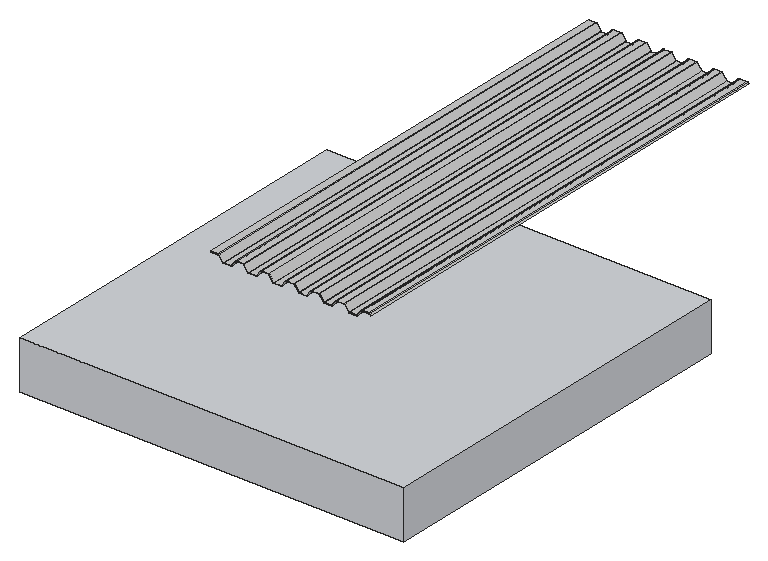
Revit family "Trapézový plech CB 40_160", category Obecné modely, Revit 2016
Family settings
  Hostitel = Plocha
  Typ součásti = Normální
  Může být hostitelem pro výztuž = Ne
  Kóta kulaté spojky = Použít průměr
  Ořezat dutým tvarem při načtení = Ne
  Sdílené = Ne
  Bod výpočtu místnosti = Ne
Parameters
  Šířka prvku - oříznutí [instance] = 1015 mm
  Šířka [instance] = 960 mm  # constant formula
  Výrobce = "CB profil a. s."  # constant formula
  Default Elevation = 0 mm
  URL = "https://www.cbprofil.cz/vyrobni-program/trapezove-plechy-vyroba-cb/"
  Třída oceli [instance] = Třída oceli : S 320 GD
  Tloušťka [instance] = 1 mm
  Pozitivní [instance] = not(Negativní)  # yes
  Popis = "CB 40/160"
  Negativní [instance] = no
  F2 barva [instance] = Pozink
  F1 barva [instance] = Pozink
  Délka [instance] = 3000 mm
  CB FLIS [instance] = no
Reference planes
  plane 1 "Střed (vpředu/vzadu)": y = 0
  plane 2: z = 0
  plane 3 "Střed (vlevo/vpravo)": x = 0
  plane 4 "trapézový plech": z = 0
  plane 5 "oříznutí": x = -1015
  plane 6: x = -1219.2
  plane 7: x = -960
  plane 8: z = 41.3
Forms (mm)
  Extrusion 1, solid
    sketch origin (0, 0, 0) x (1, 0, 0) y (0, 1, 0)
      loop
        line (-1219.2, 1219.2) -> (-1219.2, -1219.2) -> (1219.2, -1219.2) -> (1219.2, 1219.2) -> (-1219.2, 1219.2)
    from 0 to -304.8
  Sweep 2, solid, material "Pozink" <- "F2 barva", visible <- "Pozitivní"
    path origin (0, 0, 0) x (-1, 0, 0) y (0, -1, 0)
      loop
        line (0, 0) -> (0, -3000)
    profile "CB 40_160 : CB 40_160" origin (0, 1500, 0) x (-1, 0, 0) y (0, 0, 1)
      loop
        arc (-25.754, 38.279) -> (-24.868, 39.03) -> (-23.738, 39.3) r 2.5
        line (-23.738, 39.3) -> (0.069, 39.3) -> (23.876, 39.3)
        arc (23.876, 39.3) -> (25.006, 39.03) -> (25.892, 38.279) r 2.5
        line (25.892, 38.279) -> (52.634, 1.838)
        arc (52.634, 1.838) -> (54.228, 0.486) -> (56.262, 0) r 4.5
        line (56.262, 0) -> (103.876, 0)
        arc (103.876, 0) -> (105.91, 0.486) -> (107.504, 1.838) r 4.5
        line (107.504, 1.838) -> (134.246, 38.279)
        arc (134.246, 38.279) -> (135.132, 39.03) -> (136.262, 39.3) r 2.5
        line (136.262, 39.3) -> (160.069, 39.3) -> (183.876, 39.3)
        arc (183.876, 39.3) -> (185.006, 39.03) -> (185.892, 38.279) r 2.5
        line (185.892, 38.279) -> (212.634, 1.838)
        arc (212.634, 1.838) -> (214.228, 0.486) -> (216.262, 0) r 4.5
        line (216.262, 0) -> (263.876, 0)
        arc (263.876, 0) -> (265.91, 0.486) -> (267.504, 1.838) r 4.5
        line (267.504, 1.838) -> (294.246, 38.279)
        arc (294.246, 38.279) -> (295.132, 39.03) -> (296.262, 39.3) r 2.5
        line (296.262, 39.3) -> (320.069, 39.3) -> (343.876, 39.3)
        arc (343.876, 39.3) -> (345.006, 39.03) -> (345.892, 38.279) r 2.5
        line (345.892, 38.279) -> (372.634, 1.838)
        arc (372.634, 1.838) -> (374.228, 0.486) -> (376.262, 0) r 4.5
        line (376.262, 0) -> (423.876, 0)
        arc (423.876, 0) -> (425.91, 0.486) -> (427.504, 1.838) r 4.5
        line (427.504, 1.838) -> (454.246, 38.279)
        arc (454.246, 38.279) -> (455.132, 39.03) -> (456.262, 39.3) r 2.5
        line (456.262, 39.3) -> (480.069, 39.3) -> (503.876, 39.3)
        arc (503.876, 39.3) -> (505.006, 39.03) -> (505.892, 38.279) r 2.5
        line (505.892, 38.279) -> (532.634, 1.838)
        arc (532.634, 1.838) -> (534.228, 0.486) -> (536.262, 0) r 4.5
        line (536.262, 0) -> (583.876, 0)
        arc (583.876, 0) -> (585.91, 0.486) -> (587.504, 1.838) r 4.5
        line (587.504, 1.838) -> (614.246, 38.279)
        arc (614.246, 38.279) -> (615.132, 39.03) -> (616.262, 39.3) r 2.5
        line (616.262, 39.3) -> (640.069, 39.3) -> (663.876, 39.3)
        arc (663.876, 39.3) -> (665.006, 39.03) -> (665.892, 38.279) r 2.5
        line (665.892, 38.279) -> (692.634, 1.838)
        arc (692.634, 1.838) -> (694.228, 0.486) -> (696.262, 0) r 4.5
        line (696.262, 0) -> (743.876, 0)
        arc (743.876, 0) -> (745.91, 0.486) -> (747.504, 1.838) r 4.5
        line (747.504, 1.838) -> (774.246, 38.279)
        arc (774.246, 38.279) -> (775.132, 39.03) -> (776.262, 39.3) r 2.5
        line (776.262, 39.3) -> (800.069, 39.3) -> (823.876, 39.3)
        arc (823.876, 39.3) -> (825.006, 39.03) -> (825.892, 38.279) r 2.5
        line (825.892, 38.279) -> (852.634, 1.838)
        arc (852.634, 1.838) -> (854.228, 0.486) -> (856.262, 0) r 4.5
        line (856.262, 0) -> (903.876, 0)
        arc (903.876, 0) -> (905.91, 0.486) -> (907.504, 1.838) r 4.5
        line (907.504, 1.838) -> (934.246, 38.279)
        arc (934.246, 38.279) -> (935.132, 39.03) -> (936.262, 39.3) r 2.5
        line (936.262, 39.3) -> (960.069, 39.3) -> (981.276, 39.3) -> (981.276, 40.3) -> (960.069, 40.3) -> (936.262, 40.3)
        arc (936.262, 40.3) -> (934.68, 39.922) -> (933.44, 38.871) r 3.5
        line (933.44, 38.871) -> (906.698, 2.429)
        arc (906.698, 2.429) -> (905.458, 1.378) -> (903.876, 1) r 3.5
        line (903.876, 1) -> (856.262, 1)
        arc (856.262, 1) -> (854.68, 1.378) -> (853.44, 2.429) r 3.5
        line (853.44, 2.429) -> (826.698, 38.871)
        arc (826.698, 38.871) -> (825.458, 39.922) -> (823.876, 40.3) r 3.5
        line (823.876, 40.3) -> (800.069, 40.3) -> (776.262, 40.3)
        arc (776.262, 40.3) -> (774.68, 39.922) -> (773.44, 38.871) r 3.5
        line (773.44, 38.871) -> (746.698, 2.429)
        arc (746.698, 2.429) -> (745.458, 1.378) -> (743.876, 1) r 3.5
        line (743.876, 1) -> (696.262, 1)
        arc (696.262, 1) -> (694.68, 1.378) -> (693.44, 2.429) r 3.5
        line (693.44, 2.429) -> (666.698, 38.871)
        arc (666.698, 38.871) -> (665.458, 39.922) -> (663.876, 40.3) r 3.5
        line (663.876, 40.3) -> (640.069, 40.3) -> (616.262, 40.3)
        arc (616.262, 40.3) -> (614.68, 39.922) -> (613.44, 38.871) r 3.5
        line (613.44, 38.871) -> (586.698, 2.429)
        arc (586.698, 2.429) -> (585.458, 1.378) -> (583.876, 1) r 3.5
        line (583.876, 1) -> (536.262, 1)
        arc (536.262, 1) -> (534.68, 1.378) -> (533.44, 2.429) r 3.5
        line (533.44, 2.429) -> (506.698, 38.871)
        arc (506.698, 38.871) -> (505.458, 39.922) -> (503.876, 40.3) r 3.5
        line (503.876, 40.3) -> (480.069, 40.3) -> (456.262, 40.3)
        arc (456.262, 40.3) -> (454.68, 39.922) -> (453.44, 38.871) r 3.5
        line (453.44, 38.871) -> (426.698, 2.429)
        arc (426.698, 2.429) -> (425.458, 1.378) -> (423.876, 1) r 3.5
        line (423.876, 1) -> (376.262, 1)
        arc (376.262, 1) -> (374.68, 1.378) -> (373.44, 2.429) r 3.5
        line (373.44, 2.429) -> (346.698, 38.871)
        arc (346.698, 38.871) -> (345.458, 39.922) -> (343.876, 40.3) r 3.5
        line (343.876, 40.3) -> (320.069, 40.3) -> (296.262, 40.3)
        arc (296.262, 40.3) -> (294.68, 39.922) -> (293.44, 38.871) r 3.5
        line (293.44, 38.871) -> (266.698, 2.429)
        arc (266.698, 2.429) -> (265.458, 1.378) -> (263.876, 1) r 3.5
        line (263.876, 1) -> (216.262, 1)
        arc (216.262, 1) -> (214.68, 1.378) -> (213.44, 2.429) r 3.5
        line (213.44, 2.429) -> (186.698, 38.871)
        arc (186.698, 38.871) -> (185.458, 39.922) -> (183.876, 40.3) r 3.5
        line (183.876, 40.3) -> (160.069, 40.3) -> (136.262, 40.3)
        arc (136.262, 40.3) -> (134.68, 39.922) -> (133.44, 38.871) r 3.5
        line (133.44, 38.871) -> (106.698, 2.429)
        arc (106.698, 2.429) -> (105.458, 1.378) -> (103.876, 1) r 3.5
        line (103.876, 1) -> (56.262, 1)
        arc (56.262, 1) -> (54.68, 1.378) -> (53.44, 2.429) r 3.5
        line (53.44, 2.429) -> (26.698, 38.871)
        arc (26.698, 38.871) -> (25.458, 39.922) -> (23.876, 40.3) r 3.5
        line (23.876, 40.3) -> (0.069, 40.3) -> (-23.738, 40.3)
        arc (-23.738, 40.3) -> (-25.32, 39.922) -> (-26.56, 38.871) r 3.5
        line (-26.56, 38.871) -> (-32, 31.458) -> (-31.194, 30.866) -> (-25.754, 38.279)
  Extrusion 3, void
    sketch origin (0, 0, 0) x (1, 0, 0) y (0, 0, 1)
      loop
        line (-1219.2, 0) -> (-1015, 0) -> (-1015, 41.3) -> (-1219.2, 41.3) -> (-1219.2, 0)
    from 0 to -3000
  Sweep 4, solid, material "Pozink" <- "F2 barva", visible <- "Negativní"
    path origin (0, 0, 0) x (-1, 0, 0) y (0, -1, 0)
      loop
        line (0, 0) -> (0, -3000)
    profile "CB 40_160_neg : CB 40_160_neg" origin (0, 1500, 0) x (-1, 0, 0) y (0, 0, 1)
      loop
        line (-25.754, 2.021) -> (-31.194, 9.434) -> (-32, 8.842) -> (-26.56, 1.429)
        arc (-26.56, 1.429) -> (-25.32, 0.378) -> (-23.738, 0) r 3.5
        line (-23.738, 0) -> (0.069, 0) -> (23.876, 0)
        arc (23.876, 0) -> (25.458, 0.378) -> (26.698, 1.429) r 3.5
        line (26.698, 1.429) -> (53.44, 37.871)
        arc (53.44, 37.871) -> (54.68, 38.922) -> (56.262, 39.3) r 3.5
        line (56.262, 39.3) -> (103.876, 39.3)
        arc (103.876, 39.3) -> (105.458, 38.922) -> (106.698, 37.871) r 3.5
        line (106.698, 37.871) -> (133.44, 1.429)
        arc (133.44, 1.429) -> (134.68, 0.378) -> (136.262, 0) r 3.5
        line (136.262, 0) -> (160.069, 0) -> (183.876, 0)
        arc (183.876, 0) -> (185.458, 0.378) -> (186.698, 1.429) r 3.5
        line (186.698, 1.429) -> (213.44, 37.871)
        arc (213.44, 37.871) -> (214.68, 38.922) -> (216.262, 39.3) r 3.5
        line (216.262, 39.3) -> (263.876, 39.3)
        arc (263.876, 39.3) -> (265.458, 38.922) -> (266.698, 37.871) r 3.5
        line (266.698, 37.871) -> (293.44, 1.429)
        arc (293.44, 1.429) -> (294.68, 0.378) -> (296.262, 0) r 3.5
        line (296.262, 0) -> (320.069, 0) -> (343.876, 0)
        arc (343.876, 0) -> (345.458, 0.378) -> (346.698, 1.429) r 3.5
        line (346.698, 1.429) -> (373.44, 37.871)
        arc (373.44, 37.871) -> (374.68, 38.922) -> (376.262, 39.3) r 3.5
        line (376.262, 39.3) -> (423.876, 39.3)
        arc (423.876, 39.3) -> (425.458, 38.922) -> (426.698, 37.871) r 3.5
        line (426.698, 37.871) -> (453.44, 1.429)
        arc (453.44, 1.429) -> (454.68, 0.378) -> (456.262, 0) r 3.5
        line (456.262, 0) -> (480.069, 0) -> (503.876, 0)
        arc (503.876, 0) -> (505.458, 0.378) -> (506.698, 1.429) r 3.5
        line (506.698, 1.429) -> (533.44, 37.871)
        arc (533.44, 37.871) -> (534.68, 38.922) -> (536.262, 39.3) r 3.5
        line (536.262, 39.3) -> (583.876, 39.3)
        arc (583.876, 39.3) -> (585.458, 38.922) -> (586.698, 37.871) r 3.5
        line (586.698, 37.871) -> (613.44, 1.429)
        arc (613.44, 1.429) -> (614.68, 0.378) -> (616.262, 0) r 3.5
        line (616.262, 0) -> (640.069, 0) -> (663.876, 0)
        arc (663.876, 0) -> (665.458, 0.378) -> (666.698, 1.429) r 3.5
        line (666.698, 1.429) -> (693.44, 37.871)
        arc (693.44, 37.871) -> (694.68, 38.922) -> (696.262, 39.3) r 3.5
        line (696.262, 39.3) -> (743.876, 39.3)
        arc (743.876, 39.3) -> (745.458, 38.922) -> (746.698, 37.871) r 3.5
        line (746.698, 37.871) -> (773.44, 1.429)
        arc (773.44, 1.429) -> (774.68, 0.378) -> (776.262, 0) r 3.5
        line (776.262, 0) -> (800.069, 0) -> (823.876, 0)
        arc (823.876, 0) -> (825.458, 0.378) -> (826.698, 1.429) r 3.5
        line (826.698, 1.429) -> (853.44, 37.871)
        arc (853.44, 37.871) -> (854.68, 38.922) -> (856.262, 39.3) r 3.5
        line (856.262, 39.3) -> (903.876, 39.3)
        arc (903.876, 39.3) -> (905.458, 38.922) -> (906.698, 37.871) r 3.5
        line (906.698, 37.871) -> (933.44, 1.429)
        arc (933.44, 1.429) -> (934.68, 0.378) -> (936.262, 0) r 3.5
        line (936.262, 0) -> (960.069, 0) -> (981.276, 0) -> (981.276, 1) -> (960.069, 1) -> (936.262, 1)
        arc (936.262, 1) -> (935.132, 1.27) -> (934.246, 2.021) r 2.5
        line (934.246, 2.021) -> (907.504, 38.462)
        arc (907.504, 38.462) -> (905.91, 39.814) -> (903.876, 40.3) r 4.5
        line (903.876, 40.3) -> (856.262, 40.3)
        arc (856.262, 40.3) -> (854.228, 39.814) -> (852.634, 38.462) r 4.5
        line (852.634, 38.462) -> (825.892, 2.021)
        arc (825.892, 2.021) -> (825.006, 1.27) -> (823.876, 1) r 2.5
        line (823.876, 1) -> (800.069, 1) -> (776.262, 1)
        arc (776.262, 1) -> (775.132, 1.27) -> (774.246, 2.021) r 2.5
        line (774.246, 2.021) -> (747.504, 38.462)
        arc (747.504, 38.462) -> (745.91, 39.814) -> (743.876, 40.3) r 4.5
        line (743.876, 40.3) -> (696.262, 40.3)
        arc (696.262, 40.3) -> (694.228, 39.814) -> (692.634, 38.462) r 4.5
        line (692.634, 38.462) -> (665.892, 2.021)
        arc (665.892, 2.021) -> (665.006, 1.27) -> (663.876, 1) r 2.5
        line (663.876, 1) -> (640.069, 1) -> (616.262, 1)
        arc (616.262, 1) -> (615.132, 1.27) -> (614.246, 2.021) r 2.5
        line (614.246, 2.021) -> (587.504, 38.462)
        arc (587.504, 38.462) -> (585.91, 39.814) -> (583.876, 40.3) r 4.5
        line (583.876, 40.3) -> (536.262, 40.3)
        arc (536.262, 40.3) -> (534.228, 39.814) -> (532.634, 38.462) r 4.5
        line (532.634, 38.462) -> (505.892, 2.021)
        arc (505.892, 2.021) -> (505.006, 1.27) -> (503.876, 1) r 2.5
        line (503.876, 1) -> (480.069, 1) -> (456.262, 1)
        arc (456.262, 1) -> (455.132, 1.27) -> (454.246, 2.021) r 2.5
        line (454.246, 2.021) -> (427.504, 38.462)
        arc (427.504, 38.462) -> (425.91, 39.814) -> (423.876, 40.3) r 4.5
        line (423.876, 40.3) -> (376.262, 40.3)
        arc (376.262, 40.3) -> (374.228, 39.814) -> (372.634, 38.462) r 4.5
        line (372.634, 38.462) -> (345.892, 2.021)
        arc (345.892, 2.021) -> (345.006, 1.27) -> (343.876, 1) r 2.5
        line (343.876, 1) -> (320.069, 1) -> (296.262, 1)
        arc (296.262, 1) -> (295.132, 1.27) -> (294.246, 2.021) r 2.5
        line (294.246, 2.021) -> (267.504, 38.462)
        arc (267.504, 38.462) -> (265.91, 39.814) -> (263.876, 40.3) r 4.5
        line (263.876, 40.3) -> (216.262, 40.3)
        arc (216.262, 40.3) -> (214.228, 39.814) -> (212.634, 38.462) r 4.5
        line (212.634, 38.462) -> (185.892, 2.021)
        arc (185.892, 2.021) -> (185.006, 1.27) -> (183.876, 1) r 2.5
        line (183.876, 1) -> (160.069, 1) -> (136.262, 1)
        arc (136.262, 1) -> (135.132, 1.27) -> (134.246, 2.021) r 2.5
        line (134.246, 2.021) -> (107.504, 38.462)
        arc (107.504, 38.462) -> (105.91, 39.814) -> (103.876, 40.3) r 4.5
        line (103.876, 40.3) -> (56.262, 40.3)
        arc (56.262, 40.3) -> (54.228, 39.814) -> (52.634, 38.462) r 4.5
        line (52.634, 38.462) -> (25.892, 2.021)
        arc (25.892, 2.021) -> (25.006, 1.27) -> (23.876, 1) r 2.5
        line (23.876, 1) -> (0.069, 1) -> (-23.738, 1)
        arc (-23.738, 1) -> (-24.868, 1.27) -> (-25.754, 2.021) r 2.5
  Sweep 5, solid, material "Pozink" <- "F1 barva", visible <- "Pozitivní"
    path origin (0, 0, 0) x (-1, 0, 0) y (0, -1, 0)
      loop
        line (0, 0) -> (0, -3000)
    profile "CB 40_160_F1 : CB 40_160_F1" origin (0, 1500, 0) x (-1, 0, 0) y (0, 0, 1)
      loop
        line (981.276, 40.3) -> (981.276, 41.3) -> (960.069, 41.3) -> (936.262, 41.3)
        arc (936.262, 41.3) -> (934.228, 40.814) -> (932.634, 39.462) r 4.5
        line (932.634, 39.462) -> (905.892, 3.021)
        arc (905.892, 3.021) -> (905.006, 2.27) -> (903.876, 2) r 2.5
        line (903.876, 2) -> (856.262, 2)
        arc (856.262, 2) -> (855.132, 2.27) -> (854.246, 3.021) r 2.5
        line (854.246, 3.021) -> (827.504, 39.462)
        arc (827.504, 39.462) -> (825.91, 40.814) -> (823.876, 41.3) r 4.5
        line (823.876, 41.3) -> (800.069, 41.3) -> (776.262, 41.3)
        arc (776.262, 41.3) -> (774.228, 40.814) -> (772.634, 39.462) r 4.5
        line (772.634, 39.462) -> (745.892, 3.021)
        arc (745.892, 3.021) -> (745.006, 2.27) -> (743.876, 2) r 2.5
        line (743.876, 2) -> (696.262, 2)
        arc (696.262, 2) -> (695.132, 2.27) -> (694.246, 3.021) r 2.5
        line (694.246, 3.021) -> (667.504, 39.462)
        arc (667.504, 39.462) -> (665.91, 40.814) -> (663.876, 41.3) r 4.5
        line (663.876, 41.3) -> (640.069, 41.3) -> (616.262, 41.3)
        arc (616.262, 41.3) -> (614.228, 40.814) -> (612.634, 39.462) r 4.5
        line (612.634, 39.462) -> (585.892, 3.021)
        arc (585.892, 3.021) -> (585.006, 2.27) -> (583.876, 2) r 2.5
        line (583.876, 2) -> (536.262, 2)
        arc (536.262, 2) -> (535.132, 2.27) -> (534.246, 3.021) r 2.5
        line (534.246, 3.021) -> (507.504, 39.462)
        arc (507.504, 39.462) -> (505.91, 40.814) -> (503.876, 41.3) r 4.5
        line (503.876, 41.3) -> (480.069, 41.3) -> (456.262, 41.3)
        arc (456.262, 41.3) -> (454.228, 40.814) -> (452.634, 39.462) r 4.5
        line (452.634, 39.462) -> (425.892, 3.021)
        arc (425.892, 3.021) -> (425.006, 2.27) -> (423.876, 2) r 2.5
        line (423.876, 2) -> (376.262, 2)
        arc (376.262, 2) -> (375.132, 2.27) -> (374.246, 3.021) r 2.5
        line (374.246, 3.021) -> (347.504, 39.462)
        arc (347.504, 39.462) -> (345.91, 40.814) -> (343.876, 41.3) r 4.5
        line (343.876, 41.3) -> (320.069, 41.3) -> (296.262, 41.3)
        arc (296.262, 41.3) -> (294.228, 40.814) -> (292.634, 39.462) r 4.5
        line (292.634, 39.462) -> (265.892, 3.021)
        arc (265.892, 3.021) -> (265.006, 2.27) -> (263.876, 2) r 2.5
        line (263.876, 2) -> (216.262, 2)
        arc (216.262, 2) -> (215.132, 2.27) -> (214.246, 3.021) r 2.5
        line (214.246, 3.021) -> (187.504, 39.462)
        arc (187.504, 39.462) -> (185.91, 40.814) -> (183.876, 41.3) r 4.5
        line (183.876, 41.3) -> (160.069, 41.3) -> (136.262, 41.3)
        arc (136.262, 41.3) -> (134.228, 40.814) -> (132.634, 39.462) r 4.5
        line (132.634, 39.462) -> (105.892, 3.021)
        arc (105.892, 3.021) -> (105.006, 2.27) -> (103.876, 2) r 2.5
        line (103.876, 2) -> (56.262, 2)
        arc (56.262, 2) -> (55.132, 2.27) -> (54.246, 3.021) r 2.5
        line (54.246, 3.021) -> (27.504, 39.462)
        arc (27.504, 39.462) -> (25.91, 40.814) -> (23.876, 41.3) r 4.5
        line (23.876, 41.3) -> (0.069, 41.3) -> (-23.738, 41.3)
        arc (-23.738, 41.3) -> (-25.772, 40.814) -> (-27.366, 39.462) r 4.5
        line (-27.366, 39.462) -> (-32.806, 32.049) -> (-32, 31.458) -> (-26.56, 38.871)
        arc (-26.56, 38.871) -> (-25.32, 39.922) -> (-23.738, 40.3) r 3.5
        line (-23.738, 40.3) -> (0.069, 40.3) -> (23.876, 40.3)
        arc (23.876, 40.3) -> (25.458, 39.922) -> (26.698, 38.871) r 3.5
        line (26.698, 38.871) -> (53.44, 2.429)
        arc (53.44, 2.429) -> (54.68, 1.378) -> (56.262, 1) r 3.5
        line (56.262, 1) -> (103.876, 1)
        arc (103.876, 1) -> (105.458, 1.378) -> (106.698, 2.429) r 3.5
        line (106.698, 2.429) -> (133.44, 38.871)
        arc (133.44, 38.871) -> (134.68, 39.922) -> (136.262, 40.3) r 3.5
        line (136.262, 40.3) -> (160.069, 40.3) -> (183.876, 40.3)
        arc (183.876, 40.3) -> (185.458, 39.922) -> (186.698, 38.871) r 3.5
        line (186.698, 38.871) -> (213.44, 2.429)
        arc (213.44, 2.429) -> (214.68, 1.378) -> (216.262, 1) r 3.5
        line (216.262, 1) -> (263.876, 1)
        arc (263.876, 1) -> (265.458, 1.378) -> (266.698, 2.429) r 3.5
        line (266.698, 2.429) -> (293.44, 38.871)
        arc (293.44, 38.871) -> (294.68, 39.922) -> (296.262, 40.3) r 3.5
        line (296.262, 40.3) -> (320.069, 40.3) -> (343.876, 40.3)
        arc (343.876, 40.3) -> (345.458, 39.922) -> (346.698, 38.871) r 3.5
        line (346.698, 38.871) -> (373.44, 2.429)
        arc (373.44, 2.429) -> (374.68, 1.378) -> (376.262, 1) r 3.5
        line (376.262, 1) -> (423.876, 1)
        arc (423.876, 1) -> (425.458, 1.378) -> (426.698, 2.429) r 3.5
        line (426.698, 2.429) -> (453.44, 38.871)
        arc (453.44, 38.871) -> (454.68, 39.922) -> (456.262, 40.3) r 3.5
        line (456.262, 40.3) -> (480.069, 40.3) -> (503.876, 40.3)
        arc (503.876, 40.3) -> (505.458, 39.922) -> (506.698, 38.871) r 3.5
        line (506.698, 38.871) -> (533.44, 2.429)
        arc (533.44, 2.429) -> (534.68, 1.378) -> (536.262, 1) r 3.5
        line (536.262, 1) -> (583.876, 1)
        arc (583.876, 1) -> (585.458, 1.378) -> (586.698, 2.429) r 3.5
        line (586.698, 2.429) -> (613.44, 38.871)
        arc (613.44, 38.871) -> (614.68, 39.922) -> (616.262, 40.3) r 3.5
        line (616.262, 40.3) -> (640.069, 40.3) -> (663.876, 40.3)
        arc (663.876, 40.3) -> (665.458, 39.922) -> (666.698, 38.871) r 3.5
        line (666.698, 38.871) -> (693.44, 2.429)
        arc (693.44, 2.429) -> (694.68, 1.378) -> (696.262, 1) r 3.5
        line (696.262, 1) -> (743.876, 1)
        arc (743.876, 1) -> (745.458, 1.378) -> (746.698, 2.429) r 3.5
        line (746.698, 2.429) -> (773.44, 38.871)
        arc (773.44, 38.871) -> (774.68, 39.922) -> (776.262, 40.3) r 3.5
        line (776.262, 40.3) -> (800.069, 40.3) -> (823.876, 40.3)
        arc (823.876, 40.3) -> (825.458, 39.922) -> (826.698, 38.871) r 3.5
        line (826.698, 38.871) -> (853.44, 2.429)
        arc (853.44, 2.429) -> (854.68, 1.378) -> (856.262, 1) r 3.5
        line (856.262, 1) -> (903.876, 1)
        arc (903.876, 1) -> (905.458, 1.378) -> (906.698, 2.429) r 3.5
        line (906.698, 2.429) -> (933.44, 38.871)
        arc (933.44, 38.871) -> (934.68, 39.922) -> (936.262, 40.3) r 3.5
        line (936.262, 40.3) -> (960.069, 40.3) -> (981.276, 40.3)
  Sweep 6, solid, material "Pozink" <- "F1 barva", visible <- "Negativní"
    path origin (0, 0, 0) x (-1, 0, 0) y (0, -1, 0)
      loop
        line (0, 0) -> (0, -3000)
    profile "CB 40_160_neg_F1 : CB 40_160_neg_F1" origin (0, 1500, 0) x (-1, 0, 0) y (0, 0, 1)
      loop
        line (981.276, 2) -> (960.069, 2) -> (936.262, 2)
        arc (936.262, 2) -> (934.68, 2.378) -> (933.44, 3.429) r 3.5
        line (933.44, 3.429) -> (906.698, 39.871)
        arc (906.698, 39.871) -> (905.458, 40.922) -> (903.876, 41.3) r 3.5
        line (903.876, 41.3) -> (856.262, 41.3)
        arc (856.262, 41.3) -> (854.68, 40.922) -> (853.44, 39.871) r 3.5
        line (853.44, 39.871) -> (826.698, 3.429)
        arc (826.698, 3.429) -> (825.458, 2.378) -> (823.876, 2) r 3.5
        line (823.876, 2) -> (800.069, 2) -> (776.262, 2)
        arc (776.262, 2) -> (774.68, 2.378) -> (773.44, 3.429) r 3.5
        line (773.44, 3.429) -> (746.698, 39.871)
        arc (746.698, 39.871) -> (745.458, 40.922) -> (743.876, 41.3) r 3.5
        line (743.876, 41.3) -> (696.262, 41.3)
        arc (696.262, 41.3) -> (694.68, 40.922) -> (693.44, 39.871) r 3.5
        line (693.44, 39.871) -> (666.698, 3.429)
        arc (666.698, 3.429) -> (665.458, 2.378) -> (663.876, 2) r 3.5
        line (663.876, 2) -> (640.069, 2) -> (616.262, 2)
        arc (616.262, 2) -> (614.68, 2.378) -> (613.44, 3.429) r 3.5
        line (613.44, 3.429) -> (586.698, 39.871)
        arc (586.698, 39.871) -> (585.458, 40.922) -> (583.876, 41.3) r 3.5
        line (583.876, 41.3) -> (536.262, 41.3)
        arc (536.262, 41.3) -> (534.68, 40.922) -> (533.44, 39.871) r 3.5
        line (533.44, 39.871) -> (506.698, 3.429)
        arc (506.698, 3.429) -> (505.458, 2.378) -> (503.876, 2) r 3.5
        line (503.876, 2) -> (480.069, 2) -> (456.262, 2)
        arc (456.262, 2) -> (454.68, 2.378) -> (453.44, 3.429) r 3.5
        line (453.44, 3.429) -> (426.698, 39.871)
        arc (426.698, 39.871) -> (425.458, 40.922) -> (423.876, 41.3) r 3.5
        line (423.876, 41.3) -> (376.262, 41.3)
        arc (376.262, 41.3) -> (374.68, 40.922) -> (373.44, 39.871) r 3.5
        line (373.44, 39.871) -> (346.698, 3.429)
        arc (346.698, 3.429) -> (345.458, 2.378) -> (343.876, 2) r 3.5
        line (343.876, 2) -> (320.069, 2) -> (296.262, 2)
        arc (296.262, 2) -> (294.68, 2.378) -> (293.44, 3.429) r 3.5
        line (293.44, 3.429) -> (266.698, 39.871)
        arc (266.698, 39.871) -> (265.458, 40.922) -> (263.876, 41.3) r 3.5
        line (263.876, 41.3) -> (216.262, 41.3)
        arc (216.262, 41.3) -> (214.68, 40.922) -> (213.44, 39.871) r 3.5
        line (213.44, 39.871) -> (186.698, 3.429)
        arc (186.698, 3.429) -> (185.458, 2.378) -> (183.876, 2) r 3.5
        line (183.876, 2) -> (160.069, 2) -> (136.262, 2)
        arc (136.262, 2) -> (134.68, 2.378) -> (133.44, 3.429) r 3.5
        line (133.44, 3.429) -> (106.698, 39.871)
        arc (106.698, 39.871) -> (105.458, 40.922) -> (103.876, 41.3) r 3.5
        line (103.876, 41.3) -> (56.262, 41.3)
        arc (56.262, 41.3) -> (54.68, 40.922) -> (53.44, 39.871) r 3.5
        line (53.44, 39.871) -> (26.698, 3.429)
        arc (26.698, 3.429) -> (25.458, 2.378) -> (23.876, 2) r 3.5
        line (23.876, 2) -> (0.069, 2) -> (-23.738, 2)
        arc (-23.738, 2) -> (-25.32, 2.378) -> (-26.56, 3.429) r 3.5
        line (-26.56, 3.429) -> (-32, 10.842) -> (-32.806, 10.251) -> (-27.366, 2.838)
        arc (-27.366, 2.838) -> (-25.772, 1.486) -> (-23.738, 1) r 4.5
        line (-23.738, 1) -> (0.069, 1) -> (23.876, 1)
        arc (23.876, 1) -> (25.91, 1.486) -> (27.504, 2.838) r 4.5
        line (27.504, 2.838) -> (54.246, 39.279)
        arc (54.246, 39.279) -> (55.132, 40.03) -> (56.262, 40.3) r 2.5
        line (56.262, 40.3) -> (103.876, 40.3)
        arc (103.876, 40.3) -> (105.006, 40.03) -> (105.892, 39.279) r 2.5
        line (105.892, 39.279) -> (132.634, 2.838)
        arc (132.634, 2.838) -> (134.228, 1.486) -> (136.262, 1) r 4.5
        line (136.262, 1) -> (160.069, 1) -> (183.876, 1)
        arc (183.876, 1) -> (185.91, 1.486) -> (187.504, 2.838) r 4.5
        line (187.504, 2.838) -> (214.246, 39.279)
        arc (214.246, 39.279) -> (215.132, 40.03) -> (216.262, 40.3) r 2.5
        line (216.262, 40.3) -> (263.876, 40.3)
        arc (263.876, 40.3) -> (265.006, 40.03) -> (265.892, 39.279) r 2.5
        line (265.892, 39.279) -> (292.634, 2.838)
        arc (292.634, 2.838) -> (294.228, 1.486) -> (296.262, 1) r 4.5
        line (296.262, 1) -> (320.069, 1) -> (343.876, 1)
        arc (343.876, 1) -> (345.91, 1.486) -> (347.504, 2.838) r 4.5
        line (347.504, 2.838) -> (374.246, 39.279)
        arc (374.246, 39.279) -> (375.132, 40.03) -> (376.262, 40.3) r 2.5
        line (376.262, 40.3) -> (423.876, 40.3)
        arc (423.876, 40.3) -> (425.006, 40.03) -> (425.892, 39.279) r 2.5
        line (425.892, 39.279) -> (452.634, 2.838)
        arc (452.634, 2.838) -> (454.228, 1.486) -> (456.262, 1) r 4.5
        line (456.262, 1) -> (480.069, 1) -> (503.876, 1)
        arc (503.876, 1) -> (505.91, 1.486) -> (507.504, 2.838) r 4.5
        line (507.504, 2.838) -> (534.246, 39.279)
        arc (534.246, 39.279) -> (535.132, 40.03) -> (536.262, 40.3) r 2.5
        line (536.262, 40.3) -> (583.876, 40.3)
        arc (583.876, 40.3) -> (585.006, 40.03) -> (585.892, 39.279) r 2.5
        line (585.892, 39.279) -> (612.634, 2.838)
        arc (612.634, 2.838) -> (614.228, 1.486) -> (616.262, 1) r 4.5
        line (616.262, 1) -> (640.069, 1) -> (663.876, 1)
        arc (663.876, 1) -> (665.91, 1.486) -> (667.504, 2.838) r 4.5
        line (667.504, 2.838) -> (694.246, 39.279)
        arc (694.246, 39.279) -> (695.132, 40.03) -> (696.262, 40.3) r 2.5
        line (696.262, 40.3) -> (743.876, 40.3)
        arc (743.876, 40.3) -> (745.006, 40.03) -> (745.892, 39.279) r 2.5
        line (745.892, 39.279) -> (772.634, 2.838)
        arc (772.634, 2.838) -> (774.228, 1.486) -> (776.262, 1) r 4.5
        line (776.262, 1) -> (800.069, 1) -> (823.876, 1)
        arc (823.876, 1) -> (825.91, 1.486) -> (827.504, 2.838) r 4.5
        line (827.504, 2.838) -> (854.246, 39.279)
        arc (854.246, 39.279) -> (855.132, 40.03) -> (856.262, 40.3) r 2.5
        line (856.262, 40.3) -> (903.876, 40.3)
        arc (903.876, 40.3) -> (905.006, 40.03) -> (905.892, 39.279) r 2.5
        line (905.892, 39.279) -> (932.634, 2.838)
        arc (932.634, 2.838) -> (934.228, 1.486) -> (936.262, 1) r 4.5
        line (936.262, 1) -> (960.069, 1) -> (981.276, 1) -> (981.276, 2)
Cuts and joins
  Extrusion 3 cuts Sweep 2
  Extrusion 3 cuts Sweep 4
  Extrusion 3 cuts Sweep 6
  Extrusion 3 cuts Sweep 5
Dimensions and locks
  "Délka": Sweep 2 sketch curve to Sweep 2 sketch curve
  "Šířka prvku - oříznutí": plane 5 "oříznutí" to plane 3 "Střed (vlevo/vpravo)"
  "Délka": Sweep 4 sketch curve to Sweep 4 sketch curve
  "Délka": Sweep 5 sketch curve to Sweep 5 sketch curve
  "Délka": Sweep 6 sketch curve to Sweep 6 sketch curve
  plane 3 "Střed (vlevo/vpravo)" to plane 7 = 960 mm
  aligned and locked: plane 2 to Extrusion 1
  aligned and locked: level to Extrusion 1
  aligned and locked: Extrusion 3 to plane 5 "oříznutí"
  aligned and locked: Extrusion 3 to plane 6
  aligned and locked: Extrusion 3 to Sweep 2  (x2)
  aligned and locked: Extrusion 3 to plane 8
Automatic sketch dimensions
  Extrusion 1 sketch curve to Extrusion 1 sketch curve = 2438.4 mm  (x2)
  Extrusion 3 sketch curve to plane 6 = 0 mm
  Extrusion 3 sketch curve to plane 5 "oříznutí" = 0 mm
  Extrusion 3 sketch curve to level = 0 mm
  Extrusion 3 sketch curve to Extrusion 3 sketch curve = 41.3 mm
  Sweep 2 sketch curve to plane 3 "Střed (vlevo/vpravo)" = 0 mm
  plane 1 "Střed (vpředu/vzadu)" to Sweep 2 sketch curve = 0 mm
  Sweep 4 sketch curve to plane 3 "Střed (vlevo/vpravo)" = 0 mm
  plane 1 "Střed (vpředu/vzadu)" to Sweep 4 sketch curve = 0 mm
  Sweep 5 sketch curve to plane 3 "Střed (vlevo/vpravo)" = 0 mm
  plane 1 "Střed (vpředu/vzadu)" to Sweep 5 sketch curve = 0 mm
  Sweep 6 sketch curve to plane 3 "Střed (vlevo/vpravo)" = 0 mm
  plane 1 "Střed (vpředu/vzadu)" to Sweep 6 sketch curve = 0 mm
